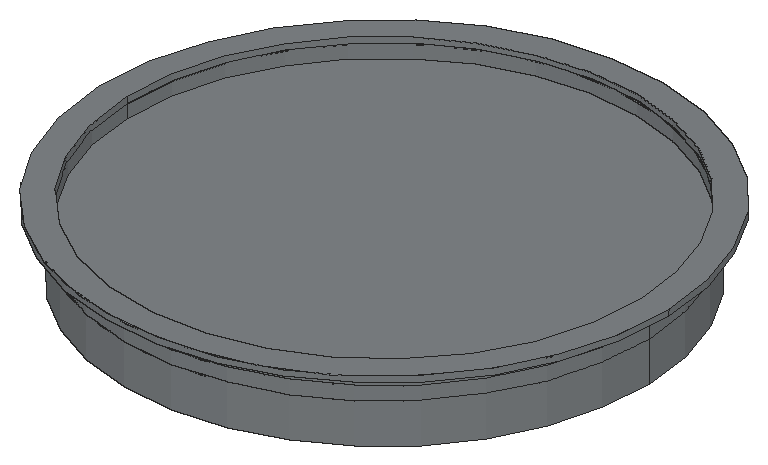
Revit family "Geräteeinsätze GES_Geräteeinsatz_Revisionsabdeckung ZESR7", category Generic Models, Revit 2015
Parameters (values of type "ZESR7 10U 7011")
  URL = "http://www.obo-bettermann.com"
  Outer Diameter Dimension = 294 mm
  Material = Plastic RAL 7011
  Manufacturer Art. No. = "7406788"
  Manufacturer = "OBO Bettermann"
  Inner cut2 = 230 mm
  Inner cut 3 = 165 mm
  Inner cut = 266 mm
  Height = 35 mm
  GTIN = "4012195109600"
  Diameter dimesion = 274 mm
  Bodenbelagdicke = 10 mm
  Article Type = "ZESR7 10U 7011"
Types (4, lengths in mm): name | Material | Manufacturer Art. No. | GTIN | Article Type
  (no name) | Plastic RAL 7011 | "7406788" | "4012195109600" | "ZESR7 10U 7011"
  ZESR7 10U 7011 | Plastic RAL 7011 | "7406788" | "4012195109600" | "ZESR7 10U 7011"
  ZESR7 10U 9011 | Plastic RAL 9011 | "7406792" | "4012195109617" | "ZESR7 10U 9011"
  ZESR7 10U 1019 | Plastic RAL 1019 | "7406796" | "4012195109624" | "ZESR7 10U 1019"
Reference planes
  plane 1 "Center (Front/Back)": y = 0
  plane 2: z = 0
  plane 3 "Center (Left/Right)": x = 0
  plane 4: z = -35
  plane 5: z = 3
  plane 6: z = -7
  plane 7: x = 82.5
  plane 8: x = -82.5
  plane 9: y = -115
  plane 10: y = 115
  plane 11: y = -98.445
  plane 12: y = 98.445
  plane 13: x = -64.264
  plane 14: x = 64.264
  plane 15: z = -14
Forms (mm)
  Extrusion 1, solid, material "Plastic RAL 7011" <- "Material"
    sketch origin (0, 0, 0) x (1, 0, 0) y (0, 1, 0)
      loop
        circle (0, 0) r 147
    from 0 to 3
  Extrusion 2, void
    sketch origin (0, 0, 0) x (1, 0, 0) y (0, 1, 0)
      loop
        circle (0, 0) r 133
    from -7 to 3
  Extrusion 3, solid, material "Plastic RAL 7011" <- "Material"
    sketch origin (0, 0, 0) x (1, 0, 0) y (0, 1, 0)
      loop
        circle (0, 0) r 137
      loop
        circle (0, 0) r 133
    from -7 to 0
  Extrusion 4, solid, material "Plastic RAL 7011" <- "Material"
    sketch origin (0, 0, 0) x (1, 0, 0) y (0, 1, 0)
      loop
        circle (0, 0) r 137
    from -14 to -7
  Extrusion 5, solid, material "Plastic RAL 7011" <- "Material"
    sketch origin (0, 0, 0) x (1, 0, 0) y (0, 1, 0)
      loop
        circle (0, 0) r 137
      loop
        line (64.264, -115) -> (82.5, -98.445) -> (82.5, 0) -> (82.5, 98.445) -> (64.264, 115) -> (-64.264, 115) -> (-82.5, 98.445) -> (-82.5, -98.445) -> (-64.264, -115) -> (64.264, -115)
    from -35 to -14
Cuts and joins
  Extrusion 2 cuts Extrusion 1
Lines and regions (mm)
  model lines
    curve 1: line (0, -82.75, -35) -> (0, -82.75, -25)
    curve 2: line (0, 82.75, -25) -> (0, 82.75, -35)
    curve 3: line (0, 82.75, -35) -> (0, 82.75, -25)
    curve 5: circle (0, 0, 0) r 147 normal (0, 0, 1)
    curve 7: circle (0, 0, 0) r 137 normal (0, 0, 1)
    curve 9: circle (0, 0, 0) r 133 normal (0, 0, 1)
    curve 10: line (82.5, 0, 0) -> (82.5, -98.445, 0)
    curve 11: line (64.264, -115, 0) -> (-64.264, -115, 0)
    curve 12: line (-82.5, -98.445, 0) -> (-82.5, 98.445, 0)
    curve 13: line (-64.264, 115, 0) -> (64.264, 115, 0)
    curve 14: line (-82.5, 98.445, 0) -> (-64.264, 115, 0)
    curve 15: line (82.5, 98.445, 0) -> (82.5, 0, 0)
    curve 16: line (82.5, 98.445, 0) -> (64.264, 115, 0)
    curve 17: line (-82.5, -98.445, 0) -> (-64.264, -115, 0)
    curve 18: line (82.5, -98.445, 0) -> (64.264, -115, 0)
  reference lines
    curve 4: circle (0, 0, 0) r 147 normal (0, 0, 1)
    curve 6: circle (0, 0, 0) r 137 normal (0, 0, 1)
    curve 8: circle (0, 0, 0) r 133 normal (0, 0, 1)
Dimensions and locks
  "Height": plane 4 to level
  locked: level to plane 5 at 3
  "Bodenbelagdicke": plane 6 to plane 5
  equal spacing: plane 10, plane 1 "Center (Front/Back)", plane 9
  "Inner cut2": plane 10 to plane 9
  equal spacing: plane 8, plane 3 "Center (Left/Right)", plane 7
  "Inner cut 3": plane 8 to plane 7
  locked: plane 10 to plane 12 at 16.555
  locked: plane 11 to plane 9 at 16.555
  locked: plane 8 to plane 13 at 18.236
  locked: plane 14 to plane 7 at 18.236
  locked: plane 15 to plane 6 at 7
  "Outer Diameter Dimension": diameter of curve 4
  "Diameter dimesion": diameter of curve 6
  "Inner cut": diameter of curve 8
  aligned and locked: level to plane 2
  aligned and locked: curve 5 to curve 4
  aligned and locked: Extrusion 1 sketch curve to curve 5
  aligned and locked: Extrusion 1 to level
  aligned and locked: plane 5 to Extrusion 1
  aligned and locked: curve 7 to curve 6
  aligned and locked: curve 9 to curve 8
  aligned and locked: Extrusion 2 sketch curve to curve 9
  aligned and locked: Extrusion 2 to plane 6
  aligned and locked: plane 5 to Extrusion 2
  aligned and locked: curve 10 to plane 7
  aligned and locked: plane 9 to curve 11
  aligned and locked: plane 8 to curve 12
  aligned and locked: curve 13 to plane 10
  aligned and locked: Extrusion 3 sketch curve to curve 7
  aligned and locked: Extrusion 3 sketch curve to cut or joined group of Extrusion 1, Extrusion 2  (x2)
  aligned and locked: level to Extrusion 3
  aligned and locked: Extrusion 3 to plane 6
  aligned and locked: Extrusion 4 sketch curve to Extrusion 3  (x2)
  aligned and locked: plane 6 to Extrusion 4
  aligned and locked: plane 15 to Extrusion 4
  aligned and locked: Extrusion 5 sketch curve to Extrusion 3  (x2)
  aligned and locked: Extrusion 5 sketch curve to curve 11
  aligned and locked: Extrusion 5 sketch curve to curve 18
  aligned and locked: Extrusion 5 sketch curve to curve 10
  aligned and locked: Extrusion 5 sketch curve to curve 15
  aligned and locked: Extrusion 5 sketch curve to curve 16
  aligned and locked: Extrusion 5 sketch curve to curve 13
  aligned and locked: Extrusion 5 sketch curve to curve 14
  aligned and locked: Extrusion 5 sketch curve to curve 12
  aligned and locked: Extrusion 5 sketch curve to curve 17
  aligned and locked: Extrusion 5 to plane 4
  aligned and locked: Extrusion 5 to plane 15
Automatic sketch dimensions
  curve 2 to plane 4 = 0 mm
  curve 1 to plane 4 = 0 mm
  plane 1 "Center (Front/Back)" to curve 1 = 82.75 mm
  curve 2 to plane 1 "Center (Front/Back)" = 82.75 mm
  curve 2 to curve 2 = 10 mm
  curve 1 to curve 1 = 10 mm
  plane 1 "Center (Front/Back)" to curve 10 = 0 mm
  plane 8 to curve 17 = 18.236 mm
  plane 8 to curve 13 = 18.236 mm
  curve 13 to plane 7 = 18.236 mm
  plane 9 to curve 12 = 16.555 mm
  curve 12 to plane 10 = 16.555 mm
  curve 16 to plane 10 = 16.555 mm
  curve 11 to plane 7 = 18.236 mm
  plane 9 to curve 10 = 16.555 mm
  curve 4 to curve 8 = 0 mm  (x2)
  curve 6 to curve 8 = 0 mm  (x2)
  plane 1 "Center (Front/Back)" to curve 6 = 0 mm
  curve 6 to plane 3 "Center (Left/Right)" = 0 mm
  plane 11 to Extrusion 5 sketch curve = 0 mm
  Extrusion 5 sketch curve to plane 14 = 0 mm
  plane 1 "Center (Front/Back)" to Extrusion 5 sketch curve = 0 mm
